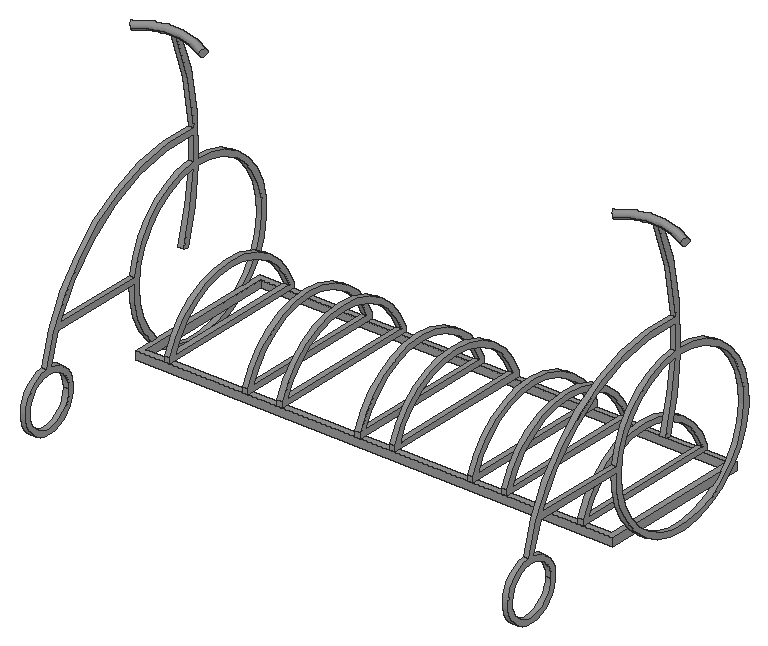
Revit family "7265 Велопарковка VELO-5 Хоббика", category Антураж, Revit 2018
Family settings
  На основе рабочей плоскости = Нет
  Всегда вертикально = Да
  При загрузке вырезать с полостями = Нет
  Источник визуального образа = Геометрия семейства
  Общий = Нет
  Точка расчета площади = Нет
Parameters (values of type "5 мест (нерж.сталь)")
  Ширина = 1138 mm  # constant formula
  Цвет каркаса = Сталь
  Описание = if([4 места], "Велопарковка VELO-5. Версия на 4 места", if([5 мест], "Велопарковка VELO-5. Версия на 5 мест", if([5 мест (нерж.сталь)], "Велопарковка VELO-5. Версия на 5 мест из нержавеющей стали", if([7 мест], "Велопарковка VELO-5. Версия на 7 мест", if([8 мест], "Велопарковка VELO-5. Версия на 8 мест", "Велопарковка VELO-5. Версия на 11 мест")))))  # "Велопарковка VELO-5. Версия на 5 мест из нержавеющей стали"
  Материал изделия = if([5 мест (нерж.сталь)], "Нержавеющая сталь", "Сталь")  # "Нержавеющая сталь"
  Кол-во средних мест = if([4 места], 2, if([5 мест], 3, if([5 мест (нерж.сталь)], 3, if([7 мест], 5, if([8 мест], 6, 9)))))  # 3
  Изображение типоразмера = Велопарковка VELO-5 Арт 7265.jpg
  Изготовитель = "ООО «Хоббика»"  # constant formula
  Группа модели = "Велопарковки"  # constant formula
  Артикул товара = "Арт. 7265"  # constant formula
  URL = "https://hobbyka.ru/product/veloparkovka_velo-5/"
  8 мест = no
  7 мест = no
  5 мест (нерж.сталь) = yes
  5 мест = no
  4 места = no
  Длина = if([4 места], 1426 mm, if([5 мест], 1844 mm, if([5 мест (нерж.сталь)], 1844 mm, if([7 мест], 2696 mm, if([8 мест], 3141 mm, 4352 mm)))))  # 1844 mm
  Высота = 1115 mm  # constant formula
  11 мест = no
Types (7, lengths in mm): name | Описание | Материал изделия | Кол-во средних мест | 8 мест | 7 мест | 5 мест (нерж.сталь) | 5 мест | 4 места | Длина | 11 мест
  (no name) | "Велопарковка VELO-5. Версия на 5 мест из нержавеющей стали" | "Нержавеющая сталь" | 3 | no | no | yes | no | no | 1844 | no
  4 места | "Велопарковка VELO-5. Версия на 4 места" | "Сталь" | 2 | no | no | no | no | yes | 1426 | no
  5 мест | "Велопарковка VELO-5. Версия на 5 мест" | "Сталь" | 3 | no | no | no | yes | no | 1844 | no
  5 мест (нерж.сталь) | "Велопарковка VELO-5. Версия на 5 мест из нержавеющей стали" | "Нержавеющая сталь" | 3 | no | no | yes | no | no | 1844 | no
  7 мест | "Велопарковка VELO-5. Версия на 7 мест" | "Сталь" | 5 | no | yes | no | no | no | 2696 | no
  8 мест | "Велопарковка VELO-5. Версия на 8 мест" | "Сталь" | 6 | yes | no | no | no | no | 3141 | no
  11 мест | "Велопарковка VELO-5. Версия на 11 мест" | "Сталь" | 9 | no | no | no | no | no | 4352 | yes
Reference planes
  plane 1 "По центру (Вперед/Назад)": y = 0
  plane 2: z = 0
  plane 3 "По центру (Влево/Вправо)": x = 0
  plane 4: y = 1138
  plane 5: x = 1844
  plane 6: z = 1115
Forms (mm)
  Extrusion 1, solid, material "Сталь" <- "Цвет каркаса"
    sketch origin (0, 0, 0) x (1, 0, 0) y (0, 1, 0)
      loop
        line (1824, 1106.319) -> (20, 1106.319) -> (20, 521.319) -> (1824, 521.319) -> (1824, 1106.319)
      loop
        line (1804, 1086.319) -> (40, 1086.319) -> (40, 541.319) -> (1804, 541.319) -> (1804, 1086.319)
    from 75 to 105
Dimensions and locks
  "Ширина": plane 4 to plane 1 "По центру (Вперед/Назад)"
  "Длина": plane 3 "По центру (Влево/Вправо)" to plane 5
  equal spacing: group 1, group 2, group 3  (x3)
  "Высота": plane 6 to plane 2
  locked: Extrusion 1 sketch curve to Extrusion 1 sketch curve at 20  (x2)
  aligned and locked: level to plane 2
  aligned and locked: plane 3 "По центру (Влево/Вправо)" to nested 1
  aligned and locked: plane 1 "По центру (Вперед/Назад)" to nested 1
  aligned and locked: plane 1 "По центру (Вперед/Назад)" to nested 2
  aligned and locked: plane 5 to nested 2
  aligned and locked: plane 1 "По центру (Вперед/Назад)" to nested 3
Automatic sketch dimensions
  Extrusion 1 sketch curve to plane 4 = 31.681 mm
  plane 3 "По центру (Влево/Вправо)" to Extrusion 1 sketch curve = 20 mm
  Extrusion 1 sketch curve to plane 5 = 20 mm
  Extrusion 1 sketch curve to plane 1 "По центру (Вперед/Назад)" = 521.319 mm
  Extrusion 1 sketch curve to Extrusion 1 sketch curve = 20 mm  (x2)
Nested families
  nested 1: "Велопарковка VELO-5 крайняя опора" at (0, 0, 0), type "Велопарковка VELO-5 крайняя опора"
  nested 2: "Велопарковка VELO-5 крайняя опора" at (1844, 0, 0) x (-1, 0, 0) z (0, 0, 1), type "Велопарковка VELO-5 крайняя опора"
  nested 3: "Велопарковка VELO-5 средняя опора" at (425, 0, 0), type "Велопарковка VELO-5 средняя опора"
  nested 4: "Велопарковка VELO-5 средняя опора" at (850, 0, 0), type "Велопарковка VELO-5 средняя опора"
  nested 5: "Велопарковка VELO-5 средняя опора" at (1275, 0, 0), type "Велопарковка VELO-5 средняя опора"
Definition of nested family "Велопарковка VELO-5 крайняя опора"
  Parameters (values of type "Велопарковка VELO-5 крайняя опора")
    Цвет каркаса = none
    Height = 0 mm
  Reference planes
    plane 1 "По центру (Вперед/Назад)": y = 0
    plane 2: z = 0
    plane 3 "По центру (Влево/Вправо)": x = 0
    plane 4: z = 1115
    plane 5: y = 1138
  Forms (mm)
    Extrusion 1, solid, material <- "Цвет каркаса"
      sketch origin (0, 347.652, 0) x (0, 1, 0) y (0, 0, 1)
        loop
          line (377.688, 1103.558) -> (359.424, 1095.408)
          arc (359.424, 1095.408) -> (419.198, 921.487) -> (447.341, 739.748) r 1037.97
          arc (447.341, 739.748) -> (0.886, 615.503) -> (-247.568, 224.313) r 646.162
          arc (-247.568, 224.313) -> (-232.976, 0.021) -> (-227.069, 224.709) r 112.5
          arc (-227.069, 224.709) -> (-212.704, 280.461) -> (-193.28, 334.658) r 626.162
          line (-193.28, 334.658) -> (166.953, 334.658)
          arc (166.953, 334.658) -> (695.367, 87.339) -> (468.458, 624.833) r 312.5
          arc (468.458, 624.833) -> (451.008, 869.493) -> (377.688, 1103.558) r 1057.97
        loop
          arc (169.024, 354.658) -> (261.961, 537.655) -> (448.377, 623.529) r 312.5
          arc (448.377, 623.529) -> (449.528, 671.535) -> (448.457, 719.543) r 1037.97
          arc (448.457, 719.543) -> (73.16, 639.029) -> (-184.646, 354.658) r 626.162
          line (-184.646, 354.658) -> (169.024, 354.658)
        loop
          circle (-235.152, 112.5) r 92.5
        loop
          arc (447.225, 603.305) -> (500.051, 20.783) -> (467.365, 604.782) r 292.5
          arc (467.365, 604.782) -> (450.59, 473.123) -> (417.463, 344.6) r 1057.97
          line (417.463, 344.6) -> (398.447, 350.797)
          arc (398.447, 350.797) -> (430.687, 475.534) -> (447.225, 603.305) r 1037.97
      from 0 to 20
    Sweep 2, solid, material <- "Цвет каркаса"
      path origin (-996.391, 800.191, 1157.65) x (1, 0, 0) y (0, 0.891007, 0.45399)
        loop
          arc (1141.657, -136.437) -> (1006.352, -104.596) -> (871.047, -136.437) r 303.403
      profile origin (9.961, 706.995, 1110.164) x (0, -0.891007, -0.45399) y (0, -0.45399, 0.891007)
        loop
          circle (-0.553, -10.448) r 13.894
    Extrusion 3, solid, material <- "Цвет каркаса"
      sketch origin (0, 861.426, -15) x (0, 1, 0) y (0, 0, 1)
        loop
          line (244.893, 120) -> (244.893, 140)
          arc (244.893, 140) -> (-47.607, 342.454) -> (-340.107, 140) r 312.525
          line (-340.107, 140) -> (-340.107, 120) -> (244.893, 120)
        loop
          arc (223.419, 140) -> (-47.607, 322.454) -> (-318.634, 140) r 292.525
          line (-318.634, 140) -> (223.419, 140)
      from 130 to 150
  Cuts and joins
    joined: Extrusion 1, Sweep 2
  Dimensions and locks
    plane 1 "По центру (Вперед/Назад)" to plane 5 = 1138 mm
    aligned and locked: level to plane 2
Definition of nested family "Велопарковка VELO-5 средняя опора"
  Parameters (values of type "Велопарковка VELO-5 средняя опора")
    Цвет каркаса = none
    Height = 0 mm
  Reference planes
    plane 1 "По центру (Вперед/Назад)": y = 0
    plane 2: z = 0
    plane 3 "По центру (Влево/Вправо)": x = 0
    plane 4: z = 1115
    plane 5: y = 1138
  Forms (mm)
    Extrusion 1, solid, material <- "Цвет каркаса"
      sketch origin (0, 861.426, -15) x (0, 1, 0) y (0, 0, 1)
        loop
          line (244.893, 120) -> (244.893, 140)
          arc (244.893, 140) -> (-47.607, 342.454) -> (-340.107, 140) r 312.525
          line (-340.107, 140) -> (-340.107, 120) -> (244.893, 120)
        loop
          arc (223.419, 140) -> (-47.607, 322.454) -> (-318.634, 140) r 292.525
          line (-318.634, 140) -> (223.419, 140)
      from 130 to 150
    Extrusion 2, solid, material <- "Цвет каркаса"
      sketch origin (0, 861.426, -15) x (0, 1, 0) y (0, 0, 1)
        loop
          line (244.893, 120) -> (244.893, 140)
          arc (244.893, 140) -> (-47.607, 342.454) -> (-340.107, 140) r 312.525
          line (-340.107, 140) -> (-340.107, 120) -> (244.893, 120)
        loop
          arc (223.419, 140) -> (-47.607, 322.454) -> (-318.634, 140) r 292.525
          line (-318.634, 140) -> (223.419, 140)
      from 0 to 20
  Dimensions and locks
    plane 1 "По центру (Вперед/Назад)" to plane 5 = 1138 mm
    aligned and locked: level to plane 2
